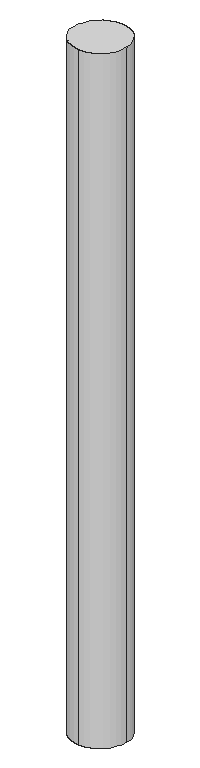
Revit family "Pilar_Con_Circular", category Structural Columns, Revit 2020
Family settings
  Display in Hidden Views = Edges Hidden by Other Members
  Section Shape = Not Defined
  Material for Model Behavior = Concrete
  Always export as geometry = No
  Beam cutback in plan = From geometry
  OmniClass Number = 23.25.30.11.14.11
  OmniClass Title = Columns
  Cut with Voids When Loaded = No
  Symbolic Representation = From Family
  Shared = No
  Show family pre-cut in plan views = Yes
Parameters (values of type "PIL_075_BLC_CON_CIR")
  Structural Material [instance] = CT_Asfaltos
  Raio_Coluna = 200 mm
  Deslocamento_Eixo_Vertical [instance] = 0 mm
  Deslocamento_Eixo_Horiz [instance] = 0 mm
  Concreto_Capitel = CT_Concreto
Types (2): name
  PIL_075_BLC_CON_CIR
  PIL_040_BLC_CON_CIR
Reference planes
  plane 1 "Center (Front/Back)": y = 0
  plane 2: z = 0
  plane 3 "Center (Left/Right)": x = 0
  plane 4: y = 0
  plane 5: x = 0
Forms (mm)
  Extrusion 1, solid, material "CT_Asfaltos" <- "Structural Material"
    sketch origin (0, 0, 0) x (1, 0, 0) y (0, 1, 0)
      loop
        arc (0, 200) -> (-141.421, 141.421) -> (-200, 0) r 200
        arc (-200, 0) -> (-141.421, -141.421) -> (0, -200) r 200
        arc (0, -200) -> (141.421, -141.421) -> (200, 0) r 200
        arc (200, 0) -> (141.421, 141.421) -> (0, 200) r 200
    from 0 to 4700
Dimensions and locks
  "Deslocamento_Eixo_Horiz": plane 1 "Center (Front/Back)" to plane 4
  "Deslocamento_Eixo_Vertical": plane 3 "Center (Left/Right)" to plane 5
  "Raio_Coluna": radius of Extrusion 1 sketch curve  (x2)
  aligned and locked: level to plane 2
  aligned and locked: Extrusion 1 to plane 2
  aligned and locked: plane 5 to Extrusion 1 sketch curve  (x2)
  aligned and locked: Extrusion 1 sketch curve to plane 4
  aligned and locked: level to Extrusion 1
  aligned and locked: Extrusion 1 to level
